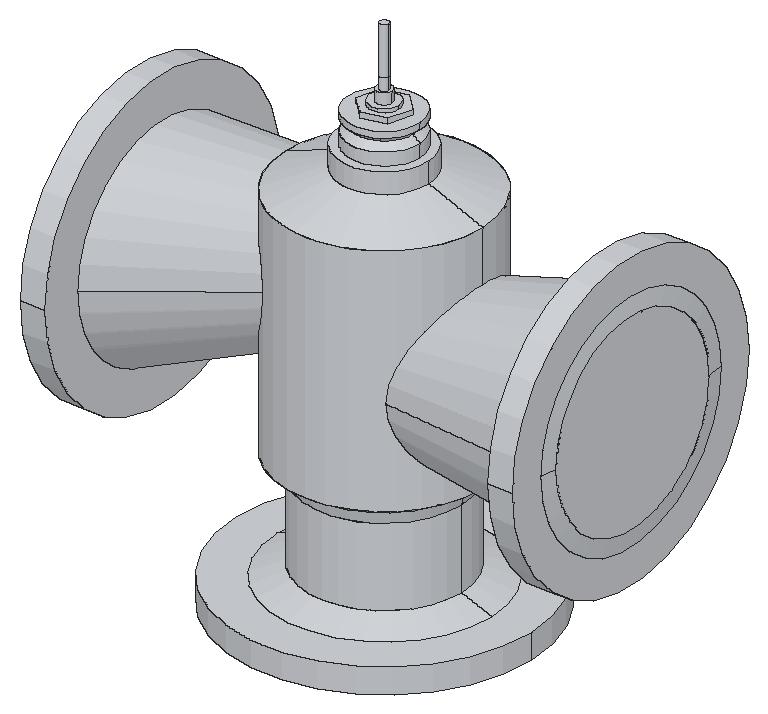
Revit family "3FGB_PN16_DN150_RFA_2019", category Pipe Accessories, Revit 2019
Family settings
  Round Connector Dimension = Use Diameter
  Part Type = Valve - Breaks Into
  Work Plane-Based = No
  Always vertical = Yes
  Cut with Voids When Loaded = No
  Shared = No
Parameters (values of type "3FGB PN16 DN150")
  magiProductId = ""
  magiProductFamilyId = ""
  magiPartTypeId = 320
  isMeasuringValve [instance] = no
  ang2D [instance] = 0.00°
  Z9 = 4.2 mm
  Z8 = 5.7 mm
  Z7 = 3 mm
  Z6 = 6 mm
  Z5 = 6 mm
  Z4 = 12 mm
  Z3 = 225.85 mm
  Z19 = 9.9 mm
  Z18 = 29.25 mm
  Z17 = 4.5 mm
  Z16 = 11.25 mm
  Z15 = 54.95 mm
  Z14__ve = -Z14  # -19.625 mm
  Z14 = 19.625 mm
  Z13 = 10.81 mm
  Z12 = 75.67 mm
  Z11 = 96 mm
  Z10 = 5.1 mm
  Y1 = 85.68 mm
  X4 = 23.8 mm
  X3 = 38.08 mm
  X2__ve = -X2  # -23.8 mm
  X2 = 23.8 mm
  X1 = 2 mm
  W2D = 150 mm
  VersionID = ""
  Use Minimum Symbol Size [instance] = no
  URL = "www.hydronix.cz"
  Type Comments = "Přírubový; EQM charakteristika ve směru A-AB; PN16; -10~+150°C"
  R9 = 4 mm
  R8 = 10.41 mm
  R7 = 13.88 mm
  R6 = 23.134 mm
  R5 = 27.418 mm
  R4 = 34.272 mm
  R3 = 42.84 mm
  R2 = 77.625 mm
  R13 = 74.52 mm
  R12 = 7.287 mm
  R11 = 14.054 mm
  R10 = 9.369 mm
  R1 = 62.1 mm
  QmdConnectorList = "301;D;302;D;303;D"
  Productdata [instance] = ""
  N = 8
  Manufacturer = "Hydronix"
  Maintenance Zone Under Depth [instance] = 277 mm
  Maintenance Zone Right Depth [instance] = 240 mm
  Maintenance Zone Over Depth [instance] = 262 mm
  Maintenance Zone Left Depth [instance] = 240 mm
  Maintenance Zone Front Depth [instance] = 142.5 mm
  Maintenance Zone Back Depth [instance] = 142.5 mm
  Maintenance Zone Front Visibility [instance] = no
  MT = 2
  MC Product Code = "3FGB150 (DN150; PN16; kvs300)"
  MC = yes
  LT2 = 240 mm
  L2D_Min = 30.48 mm
  L2D = 480 mm
  L = 480 mm
  HD = 22 mm
  HCDT2 = 103.5 mm
  HCD = 240 mm
  H4 = 240 mm
  H3 = 157 mm
  H2 = 45 mm
  H1 = 217 mm
  FDT2 = 142.5 mm
  FD = 285 mm
  Description = "3 cestný regulační ventil přírubový; DN150; PN16; kvs300; zdvih 45mm"
  DT2 = 75 mm
  D4 = 92.65 mm
  D3 = 109 mm
  D2 = 95.2 mm
  D = 150 mm
  CenSd_R6_6 = R6 * cos(30.00°)  # 20.034 mm
  Clearance Zone Height Depth [instance] = 262 mm
  Clearance Zone Circular Radius [instance] = 240 mm
  Clearance Zone Visibility [instance] = no
  CAT0 = yes
  CAT = no
  Assembly Code = ""
  A1 = 180.68 mm
Types (5, lengths in mm): name | Z9 | Z8 | Z6 | Z5 | Z4 | Z3 | Z19 | Z18 | Z17 | Z16 | Z15 | Z14__ve | Z14 | Z13 | Z12 | Z11 | Z10 | Y1 | X4 | X3 | X2__ve | X2 | W2D | R8 | R7 | R6 | R5 | R4 | R3 | R2 | R13 | R12 | R11 | R10 | R1 | N | Maintenance Zone Under Depth | Maintenance Zone Right Depth | Maintenance Zone Over Depth | Maintenance Zone Left Depth | Maintenance Zone Front Depth | Maintenance Zone Back Depth | MC Product Code | LT2 | L2D | L | HD | HCDT2 | HCD | H4 | H3 | H2 | H1 | FDT2 | FD | Description | DT2 | D4 | D3 | D2 | D | CenSd_R6_6 | Clearance Zone Height Depth | Clearance Zone Circular Radius | A1
  3FGB PN16 DN100 | 4.165 | 5.602 | 5.95 | 5.95 | 11.9 | 166.225 | 9.767 | 29.25 | 4.5 | 11.25 | 40.775 | -14.562 | 14.562 | 7.885 | 55.195 | 72 | 5.082 | 62.28 | 17.3 | 27.68 | -17.3 | 17.3 | 100 | 7.567 | 10.089 | 16.816 | 19.93 | 24.912 | 31.14 | 57.375 | 55.08 | 5.297 | 10.215 | 6.81 | 45.9 | 8 | 207 | 175 | 221 | 175 | 110 | 110 | "3FGB100 (DN100; PN16; kvs130)" | 175 | 350 | 350 | 18 | 76.5 | 180 | 175 | 116.5 | 45 | 176 | 110 | 220 | "3 cestný regulační ventil přírubový; DN100; PN16; kvs130; zdvih 45mm" | 50 | 68.85 | 81 | 69.2 | 100 | 14.563 | 221 | 175 | 132.98
  3FGB PN16 DN125 | 4.2 | 5.7 | 6 | 6 | 12 | 194.35 | 9.9 | 29.25 | 4.5 | 11.25 | 48.65 | -17.375 | 17.375 | 9.01 | 63.07 | 84 | 5.1 | 71.28 | 19.8 | 31.68 | -19.8 | 19.8 | 125 | 8.661 | 11.547 | 19.246 | 22.81 | 28.512 | 35.64 | 68.625 | 65.88 | 6.062 | 11.692 | 7.794 | 54.9 | 8 | 234 | 200 | 244 | 200 | 125 | 125 | "3FGB125 (DN125; PN16; kvs200)" | 200 | 400 | 400 | 18 | 91.5 | 210 | 200 | 139 | 45 | 199 | 125 | 250 | "3 cestný regulační ventil přírubový; DN125; PN16; kvs200; zdvih 45mm" | 62.5 | 81.6 | 96 | 79.2 | 125 | 16.667 | 244 | 200 | 155.48
  3FGB PN16 DN150 | 4.2 | 5.7 | 6 | 6 | 12 | 225.85 | 9.9 | 29.25 | 4.5 | 11.25 | 54.95 | -19.625 | 19.625 | 10.81 | 75.67 | 96 | 5.1 | 85.68 | 23.8 | 38.08 | -23.8 | 23.8 | 150 | 10.41 | 13.88 | 23.134 | 27.418 | 34.272 | 42.84 | 77.625 | 74.52 | 7.287 | 14.054 | 9.369 | 62.1 | 8 | 277 | 240 | 262 | 240 | 142.5 | 142.5 | "3FGB150 (DN150; PN16; kvs300)" | 240 | 480 | 480 | 22 | 103.5 | 240 | 240 | 157 | 45 | 217 | 142.5 | 285 | "3 cestný regulační ventil přírubový; DN150; PN16; kvs300; zdvih 45mm" | 75 | 92.65 | 109 | 95.2 | 150 | 20.034 | 262 | 240 | 180.68
  3FGB PN16 DN065 | 4.2 | 5.7 | 6 | 6 | 12 | 136.6 | 9.9 | 16.25 | 2.5 | 6.25 | 33.25 | -11.875 | 11.875 | 6.535 | 45.745 | 58 | 5.1 | 51.48 | 14.3 | 22.88 | -14.3 | 14.3 | 65 | 6.255 | 8.34 | 13.9 | 16.474 | 20.592 | 25.74 | 44.25 | 42.48 | 4.378 | 8.444 | 5.629 | 35.4 | 4 | 175 | 145 | 180 | 145 | 92.5 | 92.5 | "3FGB65 (DN65; PN16; kvs63)" | 145 | 290 | 290 | 18 | 59 | 145 | 145 | 95 | 25 | 155 | 92.5 | 185 | "3 cestný regulační ventil přírubový; DN65; PN16; kvs63; zdvih 25mm" | 32.5 | 53.975 | 63.5 | 57.2 | 65 | 12.037 | 180 | 145 | 109.28
  3FGB PN16 DN080 | 4.2 | 5.7 | 6 | 6 | 12 | 148.6 | 9.9 | 29.25 | 4.5 | 11.25 | 36.75 | -13.125 | 13.125 | 6.985 | 48.895 | 64 | 5.1 | 55.08 | 15.3 | 24.48 | -15.3 | 15.3 | 80 | 6.692 | 8.923 | 14.872 | 17.626 | 22.032 | 27.54 | 49.875 | 47.88 | 4.685 | 9.034 | 6.023 | 39.9 | 4 | 187 | 155 | 210 | 155 | 100 | 100 | "3FGB80 (DN80; PN16; kvs100)" | 155 | 310 | 310 | 18 | 66.5 | 160 | 155 | 105 | 45 | 165 | 100 | 200 | "3 cestný regulační ventil přírubový; DN80; PN16; kvs100; zdvih 45mm" | 40 | 60.35 | 71 | 61.2 | 80 | 12.879 | 210 | 155 | 118.88
Reference planes
  plane 1 "Center (Front/Back)": y = 0
  plane 2 "XYPLANE": z = 0
  plane 3 "Center (Left/Right)": x = 0
  plane 4 "227": z = -277
  plane 5 "226": y = 142.5
  plane 6 "225": y = -142.5
  plane 7 "224": x = 240
  plane 8 "223": x = -240
  plane 9 "222": z = 262
  plane 10 "182": z = 217
  plane 11 "161": z = 205
  plane 12 "158": z = 199.3
  plane 13 "150": z = 195.1
  plane 14 "148": z = 192.1
  plane 15 "142": z = 187
  plane 16 "136": z = 181
  plane 17 "135": z = 175
  plane 18 "131": z = 169
  plane 19 "78": z = 117.75
  plane 20 "77": z = 137.375
  plane 21 "74": z = 157
  plane 22 "70": z = -108.1
  plane 23 "65": z = -118.91
  plane 24 "64": z = -129.72
  plane 25 "58": z = -205.39
  plane 26 "57": z = -216.2
  plane 27 "46": z = -240
  plane 28 "28": x = 214.2
  plane 29 "27": x = 238
  plane 30 "21": z = -20
  plane 31 "16": z = 54.95
  plane 32 "13": x = -214.2
  plane 33 "7": x = -238
  plane 34 "6": x = 240
  plane 35 "5": x = -240
  plane 36 "3": y = 0
  plane 37 "2": z = 0
  plane 38 "1": x = 0
Forms (mm)
  Extrusion 1, solid, visible <- "Clearance Zone Visibility"
    sketch origin (-750, 0, 0) x (1, 0, 0) y (0, 1, 0)
      loop
        circle (750, 0) r 240
    from 0 to 262 <- "Clearance Zone Height Depth"
  Blend 2, solid, visible <- "Maintenance Zone Front Visibility"
    base sketch origin (-750, 0, 262) x (1, 0, 0) y (0, 1, 0)
      loop
        line (510, 142.5) -> (510, -142.5) -> (990, -142.5) -> (990, 142.5) -> (510, 142.5)
    top sketch origin (-750, 0, 262) x (1, 0, 0) y (0, 1, 0)
      loop
        line (510, 142.5) -> (510, -142.5) -> (990, -142.5) -> (990, 142.5) -> (510, 142.5)
    from 0 to -539
  Extrusion 3, solid
    sketch origin (-750, 0, 195.1) x (1, 0, 0) y (0, 1, 0)
      loop
        circle (750, 0) r 7.287
    from 0 to 9.9 <- "Z19"
  Extrusion 4, solid
    sketch origin (-750, 0, 217) x (1, 0, 0) y (0, 1, 0)
      loop
        circle (750, 0) r 4
    from 0 to 45 <- "H2"
  Extrusion 5, solid
    sketch origin (-750, 0, 205) x (1, 0, 0) y (0, 1, 0)
      loop
        circle (750, 0) r 4
    from 0 to 12 <- "Z4"
  Extrusion 6, solid
    sketch origin (-750, 0, 192.1) x (1, 0, 0) y (0, 1, 0)
      loop
        circle (750, 0) r 13.88
    from 0 to 3 <- "Z7"
  Extrusion 7, solid
    sketch origin (-750, 0, 187) x (1, 0, 0) y (0, 1, 0)
      loop
        line (766.358, -16.358) -> (772.345, 5.987) -> (755.987, 22.345) -> (733.642, 16.358) -> (727.655, -5.987) -> (744.013, -22.345) -> (766.358, -16.358)
    from 0 to 5.1 <- "Z10"
  Extrusion 8, solid
    sketch origin (-750, 0, 181) x (1, 0, 0) y (0, 1, 0)
      loop
        circle (750, 0) r 34.272
    from 0 to 6 <- "Z6"
  Blend 9, solid
    base sketch origin (-750, 0, 175) x (1, 0, 0) y (0, 1, 0)
      loop
        circle (750, 0) r 27.418
    top sketch origin (-750, 0, 175) x (1, 0, 0) y (0, 1, 0)
      loop
        circle (750, 0) r 34.272
    from 0 to 6
  Blend 10, solid
    base sketch origin (-750, 0, 169) x (1, 0, 0) y (0, 1, 0)
      loop
        circle (750, 0) r 34.272
    top sketch origin (-750, 0, 169) x (1, 0, 0) y (0, 1, 0)
      loop
        circle (750, 0) r 27.418
    from 0 to 6
  Extrusion 11, solid
    sketch origin (-750, 0, 157) x (1, 0, 0) y (0, 1, 0)
      loop
        circle (750, 0) r 34.272
    from 0 to 12 <- "Z4"
  Extrusion 12, solid
    sketch origin (-750, 0, 157) x (1, 0, 0) y (0, 1, 0)
      loop
        circle (750, 0) r 42.84
    from 0 to -19.625 <- "Z14__ve"
  Blend 13, solid
    base sketch origin (-750, 0, 117.75) x (1, 0, 0) y (0, 1, 0)
      loop
        circle (750, 0) r 95.2
    top sketch origin (-750, 0, 117.75) x (1, 0, 0) y (0, 1, 0)
      loop
        circle (750, 0) r 42.84
    from 0 to 19.625
  Blend 14, solid
    base sketch origin (-750, 0, -118.91) x (1, 0, 0) y (0, 1, 0)
      loop
        circle (750, 0) r 77.625
    top sketch origin (-750, 0, -118.91) x (1, 0, 0) y (0, 1, 0)
      loop
        circle (750, 0) r 95.2
    from 0 to 10.81
  Blend 15, solid
    base sketch origin (-750, 0, -129.72) x (1, 0, 0) y (0, 1, 0)
      loop
        circle (750, 0) r 74.52
    top sketch origin (-750, 0, -129.72) x (1, 0, 0) y (0, 1, 0)
      loop
        circle (750, 0) r 77.625
    from 0 to 10.81
  Extrusion 16, solid
    sketch origin (-750, 0, -205.39) x (1, 0, 0) y (0, 1, 0)
      loop
        circle (750, 0) r 74.52
    from 0 to 75.67 <- "Z12"
  Blend 17, solid
    base sketch origin (-750, 0, -216.2) x (1, 0, 0) y (0, 1, 0)
      loop
        circle (750, 0) r 103.5
    top sketch origin (-750, 0, -216.2) x (1, 0, 0) y (0, 1, 0)
      loop
        circle (750, 0) r 74.52
    from 0 to 10.81
  Extrusion 18, solid
    sketch origin (-750, 0, -240) x (1, 0, 0) y (0, 1, 0)
      loop
        circle (750, 0) r 142.5
    from 0 to 23.8 <- "X4"
  Blend 19, solid
    base sketch origin (238, -750, 0) x (0, 1, 0) y (0, 0, 1)
      loop
        circle (750, 0) r 109
    top sketch origin (238, -750, 0) x (0, 1, 0) y (0, 0, 1)
      loop
        circle (750, 0) r 92.65
    from 0 to 2
  Blend 20, solid
    base sketch origin (-240, -750, 0) x (0, 1, 0) y (0, 0, 1)
      loop
        circle (750, 0) r 92.65
    top sketch origin (-240, -750, 0) x (0, 1, 0) y (0, 0, 1)
      loop
        circle (750, 0) r 109
    from 0 to 2
  Extrusion 21, solid
    sketch origin (238, -750, 0) x (0, 1, 0) y (0, 0, 1)
      loop
        circle (750, 0) r 142.5
    from 0 to -23.8 <- "X2__ve"
  Blend 22, solid
    base sketch origin (0, -750, 0) x (0, 1, 0) y (0, 0, 1)
      loop
        circle (750, -20) r 62.1
    top sketch origin (0, -750, 0) x (0, 1, 0) y (0, 0, 1)
      loop
        circle (750, 0) r 103.5
    from 0 to 214.2
  Extrusion 23, solid
    sketch origin (-750, 0, -108.1) x (1, 0, 0) y (0, 1, 0)
      loop
        circle (750, 0) r 95.2
    from 0 to 225.85 <- "Z3"
  Blend 24, solid
    base sketch origin (-214.2, -750, 0) x (0, 1, 0) y (0, 0, 1)
      loop
        circle (750, 0) r 103.5
    top sketch origin (-214.2, -750, 0) x (0, 1, 0) y (0, 0, 1)
      loop
        circle (750, 54.95) r 62.1
    from 0 to 214.2
  Extrusion 25, solid
    sketch origin (-238, -750, 0) x (0, 1, 0) y (0, 0, 1)
      loop
        circle (750, 0) r 142.5
    from 0 to 23.8 <- "X2"
  Extrusion 26, solid, not visible
    sketch origin (-750, 0, -240) x (1, 0, 0) y (0, 1, 0)
      loop
        circle (750, 0) r 10
    from 0 to 10
  Extrusion 27, solid, not visible
    sketch origin (240, -750, 0) x (0, 1, 0) y (0, 0, 1)
      loop
        circle (750, 0) r 10
    from 0 to -10
  Extrusion 28, solid, not visible
    sketch origin (-240, -750, 0) x (0, 1, 0) y (0, 0, 1)
      loop
        circle (750, 0) r 10
    from 0 to 10
Lines and regions (mm)
  reference lines, not visible
    curve 1: circle (2, 2, 0) r 1 normal (0, 0, 1)
  reference lines
    curve 2: line (0, 0, 187) -> (2.176, 8.121, 187)
    curve 3: line (0, 0, 187) -> (-5.945, 5.945, 187)
    curve 4: line (0, 0, 187) -> (-8.121, -2.176, 187)
Dimensions and locks
  plane 1 "Center (Front/Back)" to curve 1 = 2 mm
  "Maintenance Zone Under Depth": plane 2 "XYPLANE" to plane 4 "227"
  "Maintenance Zone Back Depth": plane 1 "Center (Front/Back)" to plane 5 "226"
  "Maintenance Zone Front Depth": plane 1 "Center (Front/Back)" to plane 6 "225"
  "Maintenance Zone Right Depth": plane 3 "Center (Left/Right)" to plane 7 "224"
  "Maintenance Zone Left Depth": plane 3 "Center (Left/Right)" to plane 8 "223"
  "Maintenance Zone Over Depth": plane 2 "XYPLANE" to plane 9 "222"
  "Z4": plane 11 "161" to plane 10 "182"
  "Z8": plane 12 "158" to plane 11 "161"
  "Z9": plane 13 "150" to plane 12 "158"
  "Z7": plane 14 "148" to plane 13 "150"
  "Z10": plane 15 "142" to plane 14 "148"
  "Z6": plane 16 "136" to plane 15 "142"
  "Z5": plane 17 "135" to plane 16 "136"
  "Z5": plane 18 "131" to plane 17 "135"
  "Z4": plane 21 "74" to plane 18 "131"
  "Z14": plane 20 "77" to plane 19 "78"
  "Z14": plane 21 "74" to plane 20 "77"
  "H3": plane 2 "XYPLANE" to plane 21 "74"
  "Z13": plane 23 "65" to plane 22 "70"
  "Z13": plane 24 "64" to plane 23 "65"
  "Z12": plane 25 "58" to plane 24 "64"
  "Z13": plane 26 "57" to plane 25 "58"
  "X4": plane 27 "46" to plane 26 "57"
  "H4": plane 2 "XYPLANE" to plane 27 "46"
  "X2": plane 29 "27" to plane 28 "28"
  "X1": plane 34 "6" to plane 29 "27"
  locked: plane 37 "2" to plane 30 "21" at 20
  "Z15": plane 37 "2" to plane 31 "16"
  "X2": plane 33 "7" to plane 32 "13"
  "X1": plane 35 "5" to plane 33 "7"
  "LT2": plane 3 "Center (Left/Right)" to plane 34 "6"
  "LT2": plane 3 "Center (Left/Right)" to plane 35 "5"
  locked: plane 1 "Center (Front/Back)" to plane 36 "3"
  locked: plane 2 "XYPLANE" to plane 37 "2"
  locked: plane 3 "Center (Left/Right)" to plane 38 "1"
  Blend 2 sketch curve to Blend 2 sketch curve = 0 mm  (x16)
  "CenSd_R6_6": curve 2 to Extrusion 7 sketch curve  (x2)
  "CenSd_R6_6": curve 3 to Extrusion 7 sketch curve  (x2)
  "CenSd_R6_6": curve 4 to Extrusion 7 sketch curve  (x2)
  Extrusion 7 sketch curve to Extrusion 7 sketch curve = 0 mm  (x12)
  "Clearance Zone Circular Radius": radius of Extrusion 1 sketch curve
  "R12": radius of Extrusion 3 sketch curve
  "R9": radius of Extrusion 4 sketch curve
  "R9": radius of Extrusion 5 sketch curve
  "R7": radius of Extrusion 6 sketch curve
  "R4": radius of Extrusion 8 sketch curve
  "R4": radius of Blend 9 sketch curve
  "R5": radius of Blend 9 sketch curve
  "R5": radius of Blend 10 sketch curve
  "R4": radius of Blend 10 sketch curve
  "R4": radius of Extrusion 11 sketch curve
  "R3": radius of Extrusion 12 sketch curve
  "R3": radius of Blend 13 sketch curve
  "D2": radius of Blend 13 sketch curve
  "D2": radius of Blend 14 sketch curve
  "R2": radius of Blend 14 sketch curve
  "R2": radius of Blend 15 sketch curve
  "R13": radius of Blend 15 sketch curve
  "R13": radius of Extrusion 16 sketch curve
  "R13": radius of Blend 17 sketch curve
  "HCDT2": radius of Blend 17 sketch curve
  "FDT2": radius of Extrusion 18 sketch curve
  "D4": radius of Blend 19 sketch curve
  "D3": radius of Blend 19 sketch curve
  "D3": radius of Blend 20 sketch curve
  "D4": radius of Blend 20 sketch curve
  "FDT2": radius of Extrusion 21 sketch curve
  "HCDT2": radius of Blend 22 sketch curve
  "R1": radius of Blend 22 sketch curve
  "D2": radius of Extrusion 23 sketch curve
  "R1": radius of Blend 24 sketch curve
  "HCDT2": radius of Blend 24 sketch curve
  "FDT2": radius of Extrusion 25 sketch curve
  locked: curve 3 to curve 2 (angle 60.00°)
  locked: curve 4 to curve 3 (angle 60.00°)
  locked: curve 4 to curve 2 (angle 120.00°)
  aligned and locked: level to plane 2 "XYPLANE"
  aligned and locked: plane 36 "3" to Extrusion 1 sketch curve
  aligned and locked: plane 38 "1" to Extrusion 1 sketch curve
  aligned and locked: Blend 2 sketch curve to plane 8 "223"  (x2)
  aligned and locked: plane 5 "226" to Blend 2 sketch curve  (x4)
  aligned and locked: plane 6 "225" to Blend 2 sketch curve  (x4)
  aligned and locked: plane 8 "223" to Blend 2 sketch curve  (x2)
  aligned and locked: plane 7 "224" to Blend 2 sketch curve  (x4)
  aligned and locked: Blend 2 to plane 4 "227"
  aligned and locked: plane 36 "3" to Extrusion 3 sketch curve
  aligned and locked: plane 38 "1" to Extrusion 3 sketch curve
  aligned and locked: plane 36 "3" to Extrusion 4 sketch curve
  aligned and locked: plane 38 "1" to Extrusion 4 sketch curve
  aligned and locked: plane 36 "3" to Extrusion 5 sketch curve
  aligned and locked: plane 38 "1" to Extrusion 5 sketch curve
  aligned and locked: plane 36 "3" to Extrusion 6 sketch curve
  aligned and locked: plane 38 "1" to Extrusion 6 sketch curve
  aligned and locked: plane 36 "3" to curve 3
  aligned and locked: plane 38 "1" to curve 4
  aligned and locked: plane 36 "3" to Extrusion 8 sketch curve
  aligned and locked: plane 38 "1" to Extrusion 8 sketch curve
  aligned and locked: plane 36 "3" to Blend 9 sketch curve  (x2)
  aligned and locked: plane 38 "1" to Blend 9 sketch curve  (x2)
  aligned and locked: plane 16 "136" to Blend 9
  aligned and locked: plane 36 "3" to Blend 10 sketch curve  (x2)
  aligned and locked: plane 38 "1" to Blend 10 sketch curve  (x2)
  aligned and locked: plane 17 "135" to Blend 10
  aligned and locked: plane 36 "3" to Extrusion 11 sketch curve
  aligned and locked: plane 38 "1" to Extrusion 11 sketch curve
  aligned and locked: plane 36 "3" to Extrusion 12 sketch curve
  aligned and locked: plane 38 "1" to Extrusion 12 sketch curve
  aligned and locked: plane 36 "3" to Blend 13 sketch curve  (x2)
  aligned and locked: plane 38 "1" to Blend 13 sketch curve  (x2)
  aligned and locked: plane 20 "77" to Blend 13
  aligned and locked: plane 36 "3" to Blend 14 sketch curve  (x2)
  aligned and locked: plane 38 "1" to Blend 14 sketch curve  (x2)
  aligned and locked: plane 22 "70" to Blend 14
  aligned and locked: plane 36 "3" to Blend 15 sketch curve  (x2)
  aligned and locked: plane 38 "1" to Blend 15 sketch curve  (x2)
  aligned and locked: plane 23 "65" to Blend 15
  aligned and locked: plane 36 "3" to Extrusion 16 sketch curve
  aligned and locked: plane 38 "1" to Extrusion 16 sketch curve
  aligned and locked: plane 36 "3" to Blend 17 sketch curve  (x2)
  aligned and locked: plane 38 "1" to Blend 17 sketch curve  (x2)
  aligned and locked: plane 25 "58" to Blend 17
  aligned and locked: plane 36 "3" to Extrusion 18 sketch curve
  aligned and locked: plane 38 "1" to Extrusion 18 sketch curve
  aligned and locked: Blend 19 sketch curve to plane 36 "3"  (x2)
  aligned and locked: plane 37 "2" to Blend 19 sketch curve  (x2)
  aligned and locked: plane 34 "6" to Blend 19
  aligned and locked: Blend 20 sketch curve to plane 36 "3"  (x2)
  aligned and locked: plane 37 "2" to Blend 20 sketch curve  (x2)
  aligned and locked: plane 33 "7" to Blend 20
  aligned and locked: Extrusion 21 sketch curve to plane 36 "3"
  aligned and locked: plane 37 "2" to Extrusion 21 sketch curve
  aligned and locked: Blend 22 sketch curve to plane 36 "3"  (x2)
  aligned and locked: plane 37 "2" to Blend 22 sketch curve
  aligned and locked: plane 30 "21" to Blend 22 sketch curve
  aligned and locked: plane 28 "28" to Blend 22
  aligned and locked: plane 36 "3" to Extrusion 23 sketch curve
  aligned and locked: plane 38 "1" to Extrusion 23 sketch curve
  aligned and locked: plane 31 "16" to Blend 24 sketch curve
  aligned and locked: plane 36 "3" to Blend 24 sketch curve
  aligned and locked: Blend 24 sketch curve to plane 36 "3"
  aligned and locked: plane 37 "2" to Blend 24 sketch curve
  aligned and locked: plane 38 "1" to Blend 24
  aligned and locked: Extrusion 25 sketch curve to plane 36 "3"
  aligned and locked: plane 37 "2" to Extrusion 25 sketch curve
  aligned and locked: plane 36 "3" to Extrusion 26 sketch curve
  aligned and locked: plane 38 "1" to Extrusion 26 sketch curve
  aligned and locked: Extrusion 27 sketch curve to plane 36 "3"
  aligned and locked: plane 37 "2" to Extrusion 27 sketch curve
  aligned and locked: Extrusion 28 sketch curve to plane 36 "3"
  aligned and locked: plane 37 "2" to Extrusion 28 sketch curve
Automatic sketch dimensions
  plane 1 "Center (Front/Back)" to curve 4 = 2.176 mm
  plane 1 "Center (Front/Back)" to Extrusion 26 sketch curve = 10 mm
  plane 1 "Center (Front/Back)" to Extrusion 27 sketch curve = 10 mm
  plane 1 "Center (Front/Back)" to Extrusion 28 sketch curve = 10 mm
  plane 3 "Center (Left/Right)" to curve 1 = 2 mm
  radius of curve 1 = 1 mm
Connectors
  piping at (-240, 0, 0), diameter 150, driven by "D"
    settings: on Extrusion 28, index 1, connector inside diameter 609.6 mm, connector length 0 mm, flow factor 0, pipe flow 0.0 L/s, pressure drop 0.0 Pa, fitting loss kfactor 0, connector angle 0.00°, fixture units 0, engagement length 0 mm, angle of deflection 0.00°, flow configuration 0, flow direction 0, fitting loss method 0, system type 29, joint type 0, gender type 0, connector reference index -1, connector utility 0, adjustable connector yes, is connector primary yes, connector description ""
  piping at (240, 0, 0), diameter 150, driven by "D"
    settings: on Extrusion 27, index 2, connector inside diameter 609.6 mm, connector length 0 mm, flow factor 0, pipe flow 0.0 L/s, pressure drop 0.0 Pa, fitting loss kfactor 0, connector angle 0.00°, fixture units 0, engagement length 0 mm, angle of deflection 0.00°, flow configuration 0, flow direction 0, fitting loss method 0, system type 29, joint type 0, gender type 0, connector reference index -1, connector utility 0, adjustable connector yes, is connector primary no, connector description ""
  piping at (0, 0, -240), diameter 150, driven by "D"
    settings: on Extrusion 26, index 3, connector inside diameter 609.6 mm, connector length 0 mm, flow factor 0, pipe flow 0.0 L/s, pressure drop 0.0 Pa, fitting loss kfactor 0, connector angle 0.00°, fixture units 0, engagement length 0 mm, angle of deflection 0.00°, flow configuration 0, flow direction 0, fitting loss method 0, system type 29, joint type 0, gender type 0, connector reference index -1, connector utility 0, adjustable connector yes, is connector primary no, connector description ""
